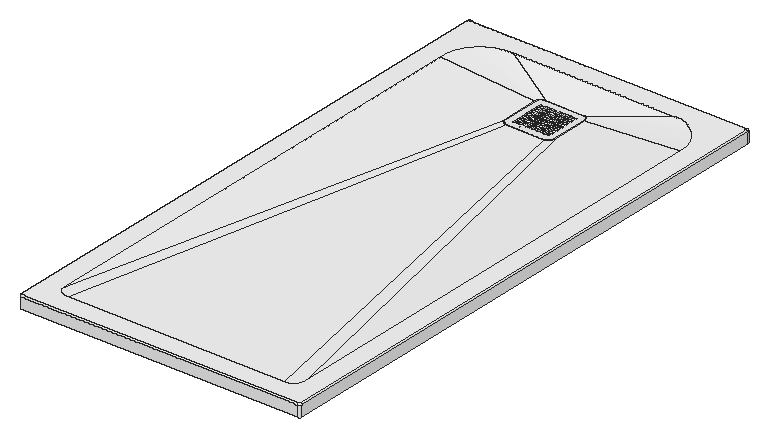
Revit family "IS_UltraFlatS_K8234_BIM_DE", category Plumbing Fixtures, host Face, Revit 2016
Family settings
  Host = Face
  Part Type = Normal
  Round Connector Dimension = Use Diameter
  OmniClass Number = 23.45.05.14.21.11
  OmniClass Title = Bath/Shower Units
  Cut with Voids When Loaded = No
  Shared = No
  Room Calculation Point = No
Parameters (values of type "K8234FR - ULTRAFLAT S PD 140X70 BIANCO")
  WarrantyStartDate = "n/a"
  WarrantyGuarantorParts = "n/a"
  WarrantyGuarantorLabor = "n/a"
  WarrantyDurationUnit = "n/a"
  WarrantyDurationParts = "n/a"
  WarrantyDurationLabor = "n/a"
  WarrantyDescription = "n/a"
  WFU = 0
  VolumeUnits = "Litres"
  Version = "1"
  Uniclass2015Version = "Products v1.1"
  Uniclass2015Title = "Shower trays"
  Uniclass2015Code = "Pr_40_20_06_84"
  URL = "www.idealstandard.de"
  Type Comments = "n/a"
  TagNumber = "n/a"
  SustainabilityPerformance = "n/a"
  Space = "Internal"
  Size = "700 x 1400 x 30 mm"
  Shape = "Rectangular"
  SerialNumber = "n/a"
  ReplacementCost = "n/a"
  ProductInformation = "www.idealstandard.de"
  PredefinedType = "n/a"
  Phone = "+49228 5210"
  NominalWidth = 700 mm
  NominalLength = 1400 mm
  NominalHeight = 30 mm
  NominalDepth = 0 mm
  Name = "ISI_IdealStandard_Showers_Ultra Flat S_K8234FR"
  ModelReference = "IS Rechteck-Brausewanne ULTRA FLAT S, 1400x700x30mm, Carraraweiß"
  ModelNumber = "K8234FR"
  Model = "K8234FR"
  Material = "Sanitary Brass"
  ManufacturerURL = "www.idealstandard.de"
  Manufacturer = "idealstandard.de@idealstandard.com"
  MainMaterial = IS_RenderMaterial_White
  LinearUnits = "millimeters"
  Keynote = ""
  InstallationInstructions = "www.idealstandard.de\\produkte"
  InstallationDate = "1900-12-31T23:59:59"
  Help = "idealstandard.de@idealstandard.com"
  HWFU = 0
  GrossWeight = "38,1 kg"
  Grade = "n/a"
  Finish = "Pure White"
  Features = "ULTRA FLAT S rectangular shower tray 1400x700mm"
  ExpectedLife = "25"
  DurationUnit = "year"
  DistributedBy = "n/a"
  Description = "Ultraflat S Pd 140 x 70 Bianco"
  Default Elevation = 0 mm
  CurrencyUnit = "€"
  CreatedOn = "42774"
  Cost = 0
  Constituents = "n/a"
  ConnectionType = "Plumbing"
  Color = "Pure White"
  CodePerformance = "0"
  CWFU = 0
  Brand = "Ideal Standard"
  BarCode = "4015413067683"
  BIMObjectName = "ISI_IdealStandard_Showers_Ultra Flat S_K8234FR"
  Author = "Ideal Standard"
  AssetType = "Fixed"
  AssetIdentifier = "n/a"
  Assembly Code = "C1030200"
  AreaUnits = "millimeters"
  AreaMeasurement = "n/a"
  Accessories = "www.idealstandard.de\\ersatzteile"
  AccessibilityPerformance = "n/a"
Types (5, lengths in mm): name | Name | ModelReference | ModelNumber | Model | MainMaterial | Finish | Description | Color | BarCode | BIMObjectName
  K8234FR - ULTRAFLAT S PD 140X70 BIANCO | "ISI_IdealStandard_Showers_Ultra Flat S_K8234FR" | "IS Rechteck-Brausewanne ULTRA FLAT S, 1400x700x30mm, Carraraweiß" | "K8234FR" | "K8234FR" | IS_RenderMaterial_White | "Pure White" | "Ultraflat S Pd 140 x 70 Bianco" | "Pure White" | "4015413067683" | "ISI_IdealStandard_Showers_Ultra Flat S_K8234FR"
  K8234FS - ULTRAFLAT S PD 140X70 GRIGIO CEMENTO | "ISI_IdealStandard_Showers_Ultra Flat S_K8234FS" | "IS Rechteck-Brausewanne ULTRA FLAT S, 1400x700x30mm, Quarzgrau" | "K8234FS" | "K8234FS" | IS_RenderMaterial_Grey | "Concrete Grey" | "Ultraflat S Pd 140 x 70 Grigio Cemento" | "Concrete Grey" | "4015413070683" | "ISI_IdealStandard_Showers_Ultra Flat S_K8234FS"
  K8234FT - ULTRAFLAT S PD 140X70 SABBIA | "ISI_IdealStandard_Showers_Ultra Flat S_K8234FT" | "IS Rechteck-Brausewanne ULTRA FLAT S, 1400x700x30mm, Sandstein" | "K8234FT" | "K8234FT" | IS_RenderMaterial_Sand | "Beach Sand" | "Ultraflat S Pd 140 x 70 Sabbia" | "Beach Sand" | "4015413071031" | "ISI_IdealStandard_Showers_Ultra Flat S_K8234FT"
  K8234FV - ULTRAFLAT S PD 140X70 NERO | "ISI_IdealStandard_Showers_Ultra Flat S_K8234FV" | "IS Rechteck-Brausewanne ULTRA FLAT S, 1400x700x30mm, Schiefer" | "K8234FV" | "K8234FV" | IS_RenderMaterial_Black | "Jet Black" | "Ultraflat S Pd 140 x 70 Nero" | "Jet Black" | "4015413071789" | "ISI_IdealStandard_Showers_Ultra Flat S_K8234FV"
  K8234FU - ULTRAFLAT S PD 140X70 MOKA | "ISI_IdealStandard_Showers_Ultra Flat S_K8234FU" | "IS Rechteck-Brausewanne ULTRA FLAT S, 1400x700x30mm, Lavabraun" | "K8234FU" | "K8234FU" | IS_RenderMaterial_Moka | "Deep Moka" | "Ultraflat S Pd 140 x 70 Moka" | "Deep Moka" | "4015413071475" | "ISI_IdealStandard_Showers_Ultra Flat S_K8234FU"
Reference planes
  plane 1 "Center (Front/Back)": y = 0
  plane 2: z = 0
  plane 3 "Center (Left/Right)": x = 0
  plane 4: z = 30
  plane 5: y = -1400
  plane 6: y = -1350
  plane 7: x = -350
  plane 8: x = 350
Forms (mm)
  Extrusion 1, solid, material "IS_RenderMaterial_White" <- "MainMaterial"
    sketch origin (0, 0, 0) x (1, 0, 0) y (0, 1, 0)
      loop
        arc (-345, 0) -> (-348.536, -1.464) -> (-350, -5) r 5
        line (-350, -5) -> (-350, -1395)
        arc (-350, -1395) -> (-348.536, -1398.536) -> (-345, -1400) r 5
        line (-345, -1400) -> (345, -1400)
        arc (345, -1400) -> (348.536, -1398.536) -> (350, -1395) r 5
        line (350, -1395) -> (350, -5)
        arc (350, -5) -> (348.536, -1.464) -> (345, 0) r 5
        line (345, 0) -> (-345, 0)
    from 0 to 30
  Blend 2, void
    base sketch origin (0, 39.744, 30) x (-1, 0, 0) y (0, -1, 0)
      loop
        arc (200, 89.744) -> (270.711, 119.033) -> (300, 189.744) r 100
        line (300, 189.744) -> (300, 1359.744)
        arc (300, 1359.744) -> (291.213, 1380.957) -> (270, 1389.744) r 30
        line (270, 1389.744) -> (-270, 1389.744)
        arc (-270, 1389.744) -> (-291.213, 1380.957) -> (-300, 1359.744) r 30
        line (-300, 1359.744) -> (-300, 189.744)
        arc (-300, 189.744) -> (-270.711, 119.033) -> (-200, 89.744) r 100
        line (-200, 89.744) -> (200, 89.744)
    top sketch origin (0, 39.744, 30) x (-1, 0, 0) y (0, -1, 0)
      loop
        arc (47.5, 177.244) -> (58.107, 181.637) -> (62.5, 192.244) r 15
        line (62.5, 192.244) -> (62.5, 287.244)
        arc (62.5, 287.244) -> (58.107, 297.85) -> (47.5, 302.244) r 15
        line (47.5, 302.244) -> (-47.5, 302.244)
        arc (-47.5, 302.244) -> (-58.107, 297.85) -> (-62.5, 287.244) r 15
        line (-62.5, 287.244) -> (-62.5, 192.244)
        arc (-62.5, 192.244) -> (-58.107, 181.637) -> (-47.5, 177.244) r 15
        line (-47.5, 177.244) -> (47.5, 177.244)
    from 0 to -15
  Revolve 3, void
    sketch origin (-65.411, -200, 1219.2) x (-1, 0, 0) y (0, 0, 1)
      loop
        line (-65.411, -1219.2) -> (-20.411, -1219.2) -> (-20.411, -1214.2) -> (-13.411, -1207.2) -> (-65.411, -1207.2) -> (-65.411, -1219.2)
      axis (-65.411, -1219.2) -> (-65.411, -1207.2)
    angle from 0 to 360
  Extrusion 4, void
    sketch origin (0, -134.515, 12) x (-1, 0, 0) y (0, 1, 0)
      loop
        arc (-47.5, -2.985) -> (-58.107, -7.379) -> (-62.5, -17.985) r 15
        line (-62.5, -17.985) -> (-62.5, -112.985)
        arc (-62.5, -112.985) -> (-58.107, -123.592) -> (-47.5, -127.985) r 15
        line (-47.5, -127.985) -> (47.5, -127.985)
        arc (47.5, -127.985) -> (58.107, -123.592) -> (62.5, -112.985) r 15
        line (62.5, -112.985) -> (62.5, -17.985)
        arc (62.5, -17.985) -> (58.107, -7.379) -> (47.5, -2.985) r 15
        line (47.5, -2.985) -> (-47.5, -2.985)
    from 0 to -3
  Extrusion 5, solid, material "Chrome - Polished"
    sketch origin (0, -134.515, 12) x (0, 1, 0) y (-1, 0, 0)
      loop
        arc (-4.985, 46.539) -> (-9.074, 56.411) -> (-18.946, 60.5) r 13.961
        line (-18.946, 60.5) -> (-111.985, 60.5)
        arc (-111.985, 60.5) -> (-121.885, 56.399) -> (-125.985, 46.5) r 14
        line (-125.985, 46.5) -> (-125.985, -46.5)
        arc (-125.985, -46.5) -> (-121.885, -56.399) -> (-111.985, -60.5) r 14
        line (-111.985, -60.5) -> (-18.985, -60.5)
        arc (-18.985, -60.5) -> (-9.086, -56.399) -> (-4.985, -46.5) r 14
        line (-4.985, -46.5) -> (-4.985, 46.539)
      loop
        line (-64.007, 45) -> (-64.007, 32) -> (-52.007, 32) -> (-52.007, 45) -> (-64.007, 45)
      loop
        line (-49.007, 45) -> (-49.007, 32) -> (-37.007, 32) -> (-37.007, 45) -> (-49.007, 45)
      loop
        line (-34.007, 45) -> (-34.007, 32) -> (-22.007, 32) -> (-22.007, 45) -> (-34.007, 45)
      loop
        line (-34.007, 29) -> (-34.007, 16) -> (-22.007, 16) -> (-22.007, 29) -> (-34.007, 29)
      loop
        line (-34.007, 13) -> (-34.007, 1.526) -> (-22.007, 1.526) -> (-22.007, 13) -> (-34.007, 13)
      loop
        line (-37.007, 29) -> (-49.007, 29) -> (-49.007, 16) -> (-37.007, 16) -> (-37.007, 29)
      loop
        line (-37.007, 13) -> (-49.007, 13) -> (-49.007, 1.526) -> (-37.007, 1.526) -> (-37.007, 13)
      loop
        line (-52.007, 29) -> (-64.007, 29) -> (-64.007, 16) -> (-52.007, 16) -> (-52.007, 29)
      loop
        line (-52.007, 13) -> (-64.007, 13) -> (-64.007, 1.526) -> (-52.007, 1.526) -> (-52.007, 13)
      loop
        line (-64.007, -45) -> (-52.007, -45) -> (-52.007, -32) -> (-64.007, -32) -> (-64.007, -45)
      loop
        line (-49.007, -45) -> (-37.007, -45) -> (-37.007, -32) -> (-49.007, -32) -> (-49.007, -45)
      loop
        line (-34.007, -45) -> (-22.007, -45) -> (-22.007, -32) -> (-34.007, -32) -> (-34.007, -45)
      loop
        line (-34.007, -29) -> (-22.007, -29) -> (-22.007, -16) -> (-34.007, -16) -> (-34.007, -29)
      loop
        line (-34.007, -13) -> (-22.007, -13) -> (-22.007, -1.526) -> (-34.007, -1.526) -> (-34.007, -13)
      loop
        line (-37.007, -29) -> (-37.007, -16) -> (-49.007, -16) -> (-49.007, -29) -> (-37.007, -29)
      loop
        line (-37.007, -13) -> (-37.007, -1.526) -> (-49.007, -1.526) -> (-49.007, -13) -> (-37.007, -13)
      loop
        line (-52.007, -29) -> (-52.007, -16) -> (-64.007, -16) -> (-64.007, -29) -> (-52.007, -29)
      loop
        line (-52.007, -13) -> (-52.007, -1.526) -> (-64.007, -1.526) -> (-64.007, -13) -> (-52.007, -13)
      loop
        line (-66.963, 45) -> (-78.963, 45) -> (-78.963, 32) -> (-66.963, 32) -> (-66.963, 45)
      loop
        line (-81.963, 45) -> (-93.963, 45) -> (-93.963, 32) -> (-81.963, 32) -> (-81.963, 45)
      loop
        line (-96.963, 45) -> (-108.963, 45) -> (-108.963, 32) -> (-96.963, 32) -> (-96.963, 45)
      loop
        line (-96.963, 29) -> (-108.963, 29) -> (-108.963, 16) -> (-96.963, 16) -> (-96.963, 29)
      loop
        line (-96.963, 13) -> (-108.963, 13) -> (-108.963, 1.526) -> (-96.963, 1.526) -> (-96.963, 13)
      loop
        line (-93.963, 29) -> (-93.963, 16) -> (-81.963, 16) -> (-81.963, 29) -> (-93.963, 29)
      loop
        line (-93.963, 13) -> (-93.963, 1.526) -> (-81.963, 1.526) -> (-81.963, 13) -> (-93.963, 13)
      loop
        line (-78.963, 29) -> (-78.963, 16) -> (-66.963, 16) -> (-66.963, 29) -> (-78.963, 29)
      loop
        line (-78.963, 13) -> (-78.963, 1.526) -> (-66.963, 1.526) -> (-66.963, 13) -> (-78.963, 13)
      loop
        line (-66.963, -45) -> (-66.963, -32) -> (-78.963, -32) -> (-78.963, -45) -> (-66.963, -45)
      loop
        line (-81.963, -45) -> (-81.963, -32) -> (-93.963, -32) -> (-93.963, -45) -> (-81.963, -45)
      loop
        line (-96.963, -45) -> (-96.963, -32) -> (-108.963, -32) -> (-108.963, -45) -> (-96.963, -45)
      loop
        line (-96.963, -29) -> (-96.963, -16) -> (-108.963, -16) -> (-108.963, -29) -> (-96.963, -29)
      loop
        line (-96.963, -13) -> (-96.963, -1.526) -> (-108.963, -1.526) -> (-108.963, -13) -> (-96.963, -13)
      loop
        line (-93.963, -29) -> (-81.963, -29) -> (-81.963, -16) -> (-93.963, -16) -> (-93.963, -29)
      loop
        line (-93.963, -13) -> (-81.963, -13) -> (-81.963, -1.526) -> (-93.963, -1.526) -> (-93.963, -13)
      loop
        line (-78.963, -29) -> (-66.963, -29) -> (-66.963, -16) -> (-78.963, -16) -> (-78.963, -29)
      loop
        line (-78.963, -13) -> (-66.963, -13) -> (-66.963, -1.526) -> (-78.963, -1.526) -> (-78.963, -13)
    from 0 to 3
  Sweep 6, void
    path in 3D
      loop
        arc (345, -1400, 30) -> (348.536, -1398.536, 30) -> (350, -1395, 30) r 5
        line (350, -1395, 30) -> (350, -5, 30)
        arc (350, -5, 30) -> (348.536, -1.464, 30) -> (345, 0, 30) r 5
        line (345, 0, 30) -> (-345, 0, 30)
        arc (-345, 0, 30) -> (-348.536, -1.464, 30) -> (-350, -5, 30) r 5
        line (-350, -5, 30) -> (-350, -1395, 30)
        arc (-350, -1395, 30) -> (-348.536, -1398.536, 30) -> (-345, -1400, 30) r 5
        line (-345, -1400, 30) -> (345, -1400, 30)
    profile origin (0, -1400, 30) x (0, 1, 0) y (0, 0, 1)
      loop
        line (0, 0) -> (0, -3)
        arc (0, -3) -> (0.879, -0.879) -> (3, 0) r 3
        line (3, 0) -> (0, 0)
Cuts and joins
  Blend 2, Revolve 3, Extrusion 4, Sweep 6 cuts Extrusion 1
  Blend 2 cuts Extrusion 5
Lines and regions (mm)
  sketch lines
    curve 1: line (-345, -1400, 30) -> (345, -1400, 30)
    curve 2: arc (350, -1395, 30) -> (348.536, -1398.536, 30) -> (345, -1400, 30) r 5
    curve 3: line (350, -1395, 30) -> (350, -5, 30)
    curve 4: arc (-345, -1400, 30) -> (-348.536, -1398.536, 30) -> (-350, -1395, 30) r 5
    curve 5: line (-350, -5, 30) -> (-350, -1395, 30)
    curve 6: line (345, 0, 30) -> (-345, 0, 30)
    curve 7: arc (-350, -5, 30) -> (-348.536, -1.464, 30) -> (-345, 0, 30) r 5
    curve 8: arc (345, 0, 30) -> (348.536, -1.464, 30) -> (350, -5, 30) r 5
Dimensions and locks
  "NominalHeight": level to plane 4
  "NominalLength": plane 1 "Center (Front/Back)" to plane 5
  "NominalWidth": plane 7 to plane 8
  aligned and locked: plane 2 to host face
  aligned and locked: level to host face
Automatic sketch dimensions
  host sketch curve to host sketch curve = 1518.471 mm
  host sketch curve to host sketch curve = 2279.938 mm
  Extrusion 1 sketch curve to plane 7 = 0 mm
  Extrusion 1 sketch curve to plane 5 = 0 mm
  plane 1 "Center (Front/Back)" to Extrusion 1 sketch curve = 0 mm
  Extrusion 1 sketch curve to plane 8 = 0 mm
  Extrusion 1 sketch curve to plane 7 = 5 mm
  plane 1 "Center (Front/Back)" to Extrusion 1 sketch curve = 5 mm
  Extrusion 1 sketch curve to plane 8 = 5 mm  (x2)
  plane 6 to Blend 2 sketch curve = 0 mm
  plane 6 to Blend 2 sketch curve = 30 mm  (x2)
  Blend 2 sketch curve to plane 8 = 50 mm
  Blend 2 sketch curve to Blend 2 sketch curve = 100 mm
  Blend 2 sketch curve to plane 7 = 150 mm
  Blend 2 sketch curve to plane 7 = 80 mm
  plane 1 "Center (Front/Back)" to Blend 2 sketch curve = 150 mm
  plane 3 "Center (Left/Right)" to Blend 2 sketch curve = 62.5 mm
  Blend 2 sketch curve to Blend 2 sketch curve = 15 mm  (x3)
  Blend 2 sketch curve to plane 3 "Center (Left/Right)" = 47.5 mm  (x2)
  plane 1 "Center (Front/Back)" to Blend 2 sketch curve = 137.5 mm
  Blend 2 sketch curve to Blend 2 sketch curve = 95 mm
  Revolve 3 sketch curve to level = 0 mm
  Revolve 3 sketch curve to plane 3 "Center (Left/Right)" = 0 mm  (x2)
  level to Revolve 3 sketch curve = 5 mm
  Revolve 3 sketch curve to plane 3 "Center (Left/Right)" = 45 mm
  Revolve 3 sketch curve to Revolve 3 sketch curve = 7 mm
  Revolve 3 sketch curve to Revolve 3 sketch curve = 12 mm
  Revolve 3 sketch curve to level = 10 mm
  plane 4 to Revolve 3 sketch curve = 7.813 mm
  plane 3 "Center (Left/Right)" to Extrusion 4 sketch curve = 62.5 mm
  Extrusion 4 sketch curve to Extrusion 4 sketch curve = 15 mm  (x3)
  Extrusion 4 sketch curve to plane 3 "Center (Left/Right)" = 47.5 mm  (x2)
  plane 1 "Center (Front/Back)" to Extrusion 4 sketch curve = 137.5 mm
  Extrusion 4 sketch curve to Extrusion 4 sketch curve = 95 mm
  plane 3 "Center (Left/Right)" to Extrusion 5 sketch curve = 46.5 mm
  plane 1 "Center (Front/Back)" to Extrusion 5 sketch curve = 260.5 mm
  Extrusion 5 sketch curve to Extrusion 5 sketch curve = 14 mm  (x3)
  Extrusion 5 sketch curve to Extrusion 5 sketch curve = 3.022 mm  (x3)
  Extrusion 5 sketch curve to Extrusion 5 sketch curve = 0 mm  (x57)
  plane 3 "Center (Left/Right)" to Extrusion 5 sketch curve = 1.526 mm  (x6)
  Extrusion 5 sketch curve to Extrusion 5 sketch curve = 12 mm  (x18)
  Extrusion 5 sketch curve to Extrusion 5 sketch curve = 3 mm  (x36)
  Extrusion 5 sketch curve to Extrusion 5 sketch curve = 2.956 mm  (x6)
  Extrusion 5 sketch curve to Extrusion 5 sketch curve = 3.061 mm
  Extrusion 5 sketch curve to Extrusion 5 sketch curve = 1.5 mm  (x3)
  Extrusion 5 sketch curve to Extrusion 5 sketch curve = 13 mm  (x9)
  Extrusion 5 sketch curve to plane 3 "Center (Left/Right)" = 1.526 mm  (x6)
  Extrusion 5 sketch curve to Extrusion 5 sketch curve = 11.474 mm  (x2)
  Sweep 6 sketch curve to profile plane = 0 mm  (x2)
  Sweep 6 sketch curve to Sweep 6 sketch curve = 3 mm
Connectors
  piping at (0, -200, 0), diameter 90
    settings: on cut or joined group of Extrusion 1, Blend 2, Revolve 3, Extrusion 4, Sweep 6, index 1, connector inside diameter 609.6 mm, connector length 0 mm, flow factor 0, pipe flow 0.0 L/s, pressure drop 0.0 Pa, fitting loss kfactor 0, connector angle 0.00°, fixture units 0, engagement length 0 mm, angle of deflection 0.00°, flow configuration 2, flow direction 2, fitting loss method 0, system type 16, joint type 0, gender type 0, connector reference index -1, connector utility 0, adjustable connector no, is connector primary yes, connector description ""
